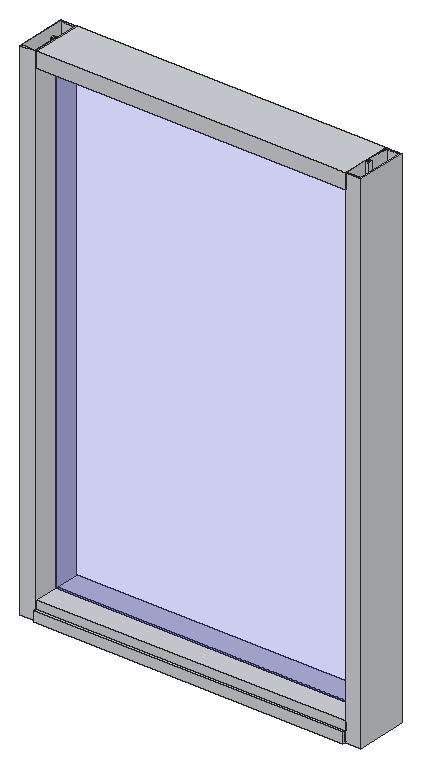
Revit family "3.McArthur Evo 150mm Centre Pocket Framing", category Windows, host Wall, Revit 2021
Family settings
  Host = Wall
  OmniClass Number = 23.30.20.00
  OmniClass Title = Windows
  Always vertical = Yes
  Cut with Voids When Loaded = No
  Shared = No
  Room Calculation Point = No
Parameters
  Rough Width = 0 mm  # constant formula
  Rough Height = 0 mm  # constant formula
  Height [instance] = 1500 mm
  Default Sill Height = 800 mm
  Wall Closure = By host
  Width [instance] = 1000 mm
Reference planes
  plane 1 "Center (Front/Back)": y = 0
  plane 2 "Center (Left/Right)": x = 0
  plane 3 "Left": x = -500
  plane 4 "Right": x = 500
  plane 5 "Sill": z = 800
  plane 6 "Head": z = 2300
  plane 7 "Exterior": y = 100
  plane 8 "Interior": y = -100
Lines and regions (mm)
  Opening 1
    outline origin (3500, -100, 0) x (1, 0, 0) y (0, 0, 1)
      loop
        line (-3000, 800) -> (-3000, 2300) -> (-4000, 2300) -> (-4000, 800) -> (-3000, 800)
Text (mm)
  text "Exterior" at (-1963.203, 1332.353, 0), in view "Ref. Level"
  text "Interior" at (-1981.466, -818.386, 0), in view "Ref. Level"
  text "Exterior" at (0, 923.751, 2943.296), in view "Right"
  text "Exterior" at (0, 1040.484, 2685.409), in view "Left"
Dimensions and locks
  equal spacing: plane 3 "Left", plane 2 "Center (Left/Right)", plane 4 "Right"
  "Width": plane 3 "Left" to plane 4 "Right"
  "Height": plane 5 "Sill" to plane 6 "Head"
  "Default Sill Height": plane 5 "Sill" to level
  locked: plane 7 "Exterior" to host wall
  locked: plane 8 "Interior" to host wall
  aligned and locked: nested 1 to plane 3 "Left"
  aligned and locked: nested 1 to plane 4 "Right"
  aligned and locked: host wall to nested 1
  aligned and locked: nested 1 to plane 6 "Head"
  aligned and locked: nested 1 to plane 5 "Sill"
Automatic sketch dimensions
  Opening 1 sketch curve to plane 3 "Left" = 0 mm
  Opening 1 sketch curve to plane 4 "Right" = 0 mm
  Opening 1 sketch curve to plane 5 "Sill" = 0 mm
  Opening 1 sketch curve to plane 6 "Head" = 0 mm
Nested families
  nested 1: "McArthur Evo 150mm Centre Pocket Framing" at (0, -0.979, 341.318), type "McArthur Evo 150mm Centre Pocket Framing"
    with Width 1000 mm, Height 1500 mm, Glass Thk Control 8 mm, Glass Thickness 8 mm, Glass Glass, Frame Material none
Definition of nested family "McArthur Evo 150mm Centre Pocket Framing"
  Parameters (values of type "McArthur Evo 150mm Centre Pocket Framing")
    Width [instance] = 750 mm
    URL = "https://www.alspec.com.au/derwent-76mm-centre-pocket-framing"
    Sill Depth = 48.43 mm  # constant formula
    Manufacturer = "ALSPEC"
    Jamb Width = 101.6 mm  # constant formula
    Jamb Thickness = 44.5 mm  # constant formula
    Height [instance] = 750 mm
    Head Depth = 60 mm  # constant formula
    Head & Sill Thickness = 85 mm  # constant formula
    Glass Thk Control [instance] = if(Glass Thickness > 14.5 mm, 14.5 mm, if(Glass Thickness < 6 mm, 6 mm, Glass Thickness))  # 8 mm
    Glass Thickness [instance] = 8 mm
    Glass [instance] = none
    Frame Material [instance] = none
    Designer = "Viraj Mhatre"
    Default Elevation = 0 mm
  Reference planes
    plane 1 "Center (Front/Back)": y = 0.979
    plane 2: z = 368.682
    plane 3 "Center (Left/Right)": x = 0
    plane 4 "Head Top": z = 1958.682
    plane 5 "Head Bottom": z = 1898.682
    plane 6 "Sill Top": z = 1257.112
    plane 7 "Sill Bottom": z = 1208.682
    plane 8: x = -375
    plane 9: x = -330.5
    plane 10: x = 330.5
    plane 11: x = 375
    plane 12: y = 4.979
    plane 13: y = -3.021
    plane 14: y = 38
    plane 15: y = -63.6
    plane 16: y = 43.479
    plane 17: y = -41.521
  Forms (mm)
    Extrusion 1, solid, material <- "Glass"
      sketch origin (0, 0, 368.682) x (1, 0, 0) y (0, 1, 0)
        loop
          line (-340.537, 4.979) -> (-340.537, -3.021) -> (340.537, -3.021) -> (340.537, 4.979) -> (-340.537, 4.979)
      from 885 to 1555.567
    Sweep 2, solid, material <- "Frame Material"
      path origin (0, 0, 368.682) x (1, 0, 0) y (0, 1, 0)
        loop
          line (-375, 75.419) -> (-375, -74.581) -> (-330.5, -74.581) -> (-330.5, -1.96) -> (-340.567, -1.96) -> (-340.567, 3.919) -> (-330.5, 3.919) -> (-330.5, 75.419) -> (-375, 75.419)
      profile origin (-352.75, 75.419, 368.682) x (0, 1, 0) y (0, 0, 1)
        loop
          line (0, 840) -> (0, 1590) -> (-2, 1590) -> (-2, 840) -> (0, 840)
    Sweep 3, solid, material <- "Frame Material"
      path origin (0, 0, 368.682) x (1, 0, 0) y (0, 1, 0)
        loop
          line (340.567, -1.96) -> (330.5, -1.96) -> (330.5, -74.581) -> (375, -74.581) -> (375, 75.419) -> (330.5, 75.419) -> (330.5, 3.919) -> (340.567, 3.919) -> (340.567, -1.96)
      profile origin (340.567, 0.979, 368.682) x (-1, 0, 0) y (0, 0, 1)
        loop
          line (0, 840) -> (0, 1590) -> (-2, 1590) -> (-2, 840) -> (0, 840)
    Sweep 4, solid, material <- "Frame Material"
      path origin (0, 0, 0) x (0, 1, 0) y (0, 0, 1)
        loop
          line (3.919, 1914.182) -> (76.54, 1914.182) -> (76.54, 1958.682) -> (-73.46, 1958.682) -> (-73.46, 1914.182) -> (-1.96, 1914.182) -> (-1.96, 1924.249) -> (3.919, 1924.249) -> (3.919, 1914.182)
      profile origin (0, 3.919, 1919.215) x (0, -1, 0) y (1, 0, 0)
        loop
          line (0, 330.5) -> (-2, 330.5) -> (-2, -330.5) -> (0, -330.5) -> (0, 330.5)
    Sweep 5, solid, material <- "Frame Material"
      path origin (0, 0, 0) x (0, 1, 0) y (0, 0, 1)
        loop
          line (76.23, 1208.682) -> (76.23, 1263.682) -> (3.928, 1263.682) -> (3.928, 1253.682) -> (-1.97, 1253.682) -> (-1.97, 1263.682) -> (-73.17, 1263.682) -> (-73.17, 1238.682) -> (-82.22, 1238.682) -> (-82.22, 1208.682) -> (76.23, 1208.682)
      profile origin (0, 76.23, 1236.182) x (0, -1, 0) y (1, 0, 0)
        loop
          line (0, 330.5) -> (0, -330.5) -> (2, -330.5) -> (2, 330.5) -> (0, 330.5)
  Dimensions and locks
    "Head Depth": plane 4 "Head Top" to plane 5 "Head Bottom"
    "Sill Depth": plane 6 "Sill Top" to plane 7 "Sill Bottom"
    "Height": plane 4 "Head Top" to plane 7 "Sill Bottom"
    "Jamb Thickness": plane 8 to plane 9
    "Jamb Thickness": plane 10 to plane 11
    equal spacing: plane 12, plane 1 "Center (Front/Back)", plane 13
    "Glass Thickness": plane 12 to plane 13
    "Jamb Width": plane 14 to plane 15
    equal spacing: plane 8, plane 3 "Center (Left/Right)", plane 11
    "Head & Sill Thickness": plane 16 to plane 17
    equal spacing: plane 16, plane 1 "Center (Front/Back)", plane 17
    "Width": plane 8 to plane 11
    aligned and locked: level to plane 2
    aligned and locked: Extrusion 1 sketch curve to plane 12
    aligned and locked: plane 13 to Extrusion 1 sketch curve
    aligned and locked: import instance to plane 1 "Center (Front/Back)"
    aligned and locked: import instance to plane 11
    aligned and locked: plane 1 "Center (Front/Back)" to import instance  (x3)
    aligned and locked: plane 8 to import instance
    aligned and locked: plane 4 "Head Top" to import instance
    aligned and locked: plane 7 "Sill Bottom" to import instance
    aligned and locked: import instance to Extrusion 1
    aligned and locked: Extrusion 1 to import instance
    aligned and locked: Sweep 2 sketch curve to import instance  (x8)
    aligned and locked: Sweep 3 sketch curve to import instance  (x8)
    aligned and locked: Sweep 4 sketch curve to import instance  (x8)
    aligned and locked: Sweep 5 sketch curve to import instance  (x10)
    aligned and locked: plane 10 to Sweep 5 sketch curve
    aligned and locked: Sweep 5 sketch curve to plane 9
    aligned and locked: Sweep 4 sketch curve to plane 9
    aligned and locked: plane 10 to Sweep 4 sketch curve
    aligned and locked: Sweep 3 sketch curve to plane 4 "Head Top"
    aligned and locked: plane 7 "Sill Bottom" to Sweep 3 sketch curve
    aligned and locked: plane 4 "Head Top" to Sweep 2 sketch curve
    aligned and locked: Sweep 2 sketch curve to plane 7 "Sill Bottom"
  Automatic sketch dimensions
    Extrusion 1 sketch curve to plane 9 = 10.037 mm
    plane 10 to Extrusion 1 sketch curve = 10.037 mm
    Sweep 3 sketch curve to profile plane = 0 mm
    profile plane to Sweep 3 sketch curve = 2 mm
    Sweep 4 sketch curve to profile plane = 0 mm
    profile plane to Sweep 4 sketch curve = 2 mm
    Sweep 5 sketch curve to profile plane = 0 mm
    Sweep 5 sketch curve to profile plane = 2 mm
    Sweep 2 sketch curve to profile plane = 0 mm
    Sweep 2 sketch curve to Sweep 2 sketch curve = 2 mm
